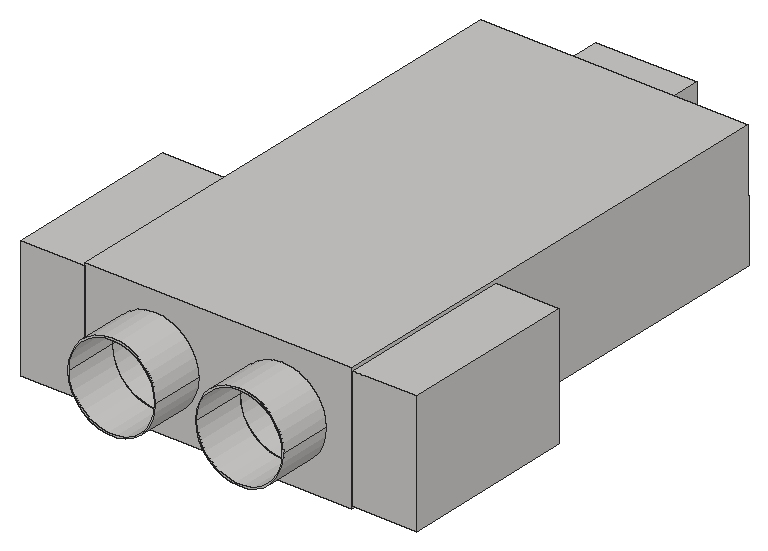
Revit family
Parameters
  Width = 2' - 3"
  Unit Weight = "104.0 lbs"
  URL = "http://www.titus-hvac.com/"
  UL = "181"
  SteriLoc Liner = Liner Option = 3  # no
  Outlet Width = 0' - 10 1/8"
  Outlet Height = 0' - 11 1/8"
  Nominal Width = Width + 1' 1"  # 3' - 4"
  Nominal Length = Length + Inlet Length + 0' 4"  # 4' - 11 3/8"
  Nominal Inlet Size = 0' - 9"
  Nominal Height = if(Height > 1' 0 1/4", Height, 1' 0 1/4")  # 1' - 0 3/4"
  NFPA = "90A"
  Model = "DMDV"
  Min. Air Flow = 0 CFM
  Max. Air Flow = 1050 CFM
  Material = Steel
  Manufacturer = "Titus"
  Liner Option = 0
  Length = 4' - 2"
  Inlet Void Radius = Inlet Radius - 0' 0 1/8"  # 0' - 4 5/16"
  Inlet Radius = Inlet Diameter / 2  # 0' - 4 7/16"
  Inlet Offset = 1' - 0 7/8"
  Inlet Length = 0' - 5 3/8"
  Inlet Diameter = Nominal Inlet Size - 0' 0 1/8"  # 0' - 8 7/8"
  Height = 1' - 0 3/4"
  Heat Air Pressure Drop [instance] = 0.00 in-wg
  Heat Air Flow [instance] = 0 CFM
  Fiber Free Liner = Liner Option = 2  # no
  Duct Radius = Nominal Inlet Size / 2  # 0' - 4 1/2"
  Description = "Dual Duct Terminal Unit, Digital Control, Pressure Independent, High Performance Mixer"
  Cool Air Pressure Drop [instance] = 0.00 in-wg
  Cool Air Flow [instance] = 0 CFM
  CADworks URL = "www.CADworks.net"
  Assembly Code = "D3040100"
  1/2" Fiberglass Liner = Liner Option = 0  # yes
  1" Fiberglass Liner = Liner Option = 1  # no
Reference planes (in)
  plane 1 "Center (Front/Back)": y = 0
  plane 2: z = 0
  plane 3 "Center (Left/Right)": x = 0
  plane 4: x = 13.5
  plane 5: x = -13.5
  plane 6: y = 25
  plane 7: y = -25
  plane 8: z = 6.375
  plane 9: z = -6.375
  plane 10: x = -6.4375
  plane 11: x = 6.4375
  plane 12: y = -30.375
  plane 13: y = 29
  plane 14: x = -20
  plane 15: x = 20
  plane 16: y = 1
  plane 17: y = -1
Forms (in)
  Extrusion 1, solid, material "Steel" <- "Material"
    sketch origin (0, 9.5, -24) x (1, 0, 0) y (0, 0, 1)
      loop
        line (-13.5, 30.375) -> (-13.5, 17.625) -> (13.5, 17.625) -> (13.5, 30.375) -> (-13.5, 30.375)
    from -15.5 to 34.5
  Extrusion 2, solid, material "Steel" <- "Material"
    sketch origin (0, -23.5, 0) x (1, 0, 0) y (0, 0, 1)
      loop
        line (13.5, 6.125) -> (13.5, -6.125) -> (20, -6.125) -> (20, 6.125) -> (13.5, 6.125)
    from -16.5 to 1.5
  Extrusion 3, solid, material "Steel" <- "Material"
    sketch origin (0, -21.5, 0) x (-1, 0, 0) y (0, 0, -1)
      loop
        line (13.5, -6.125) -> (20, -6.125) -> (20, 6.125) -> (13.5, 6.125) -> (13.5, -6.125)
    from -14.5 to 3.5
  Extrusion 4, solid, material "Steel" <- "Material"
    sketch origin (0, -19, 0) x (1, 0, 0) y (0, 0, 1)
      loop
        circle (-6.4375, 0) r 4.4375
    from 6 to 11.375
  Extrusion 5, solid, material "Steel" <- "Material"
    sketch origin (0, -19, 0) x (-1, 0, 0) y (0, 0, -1)
      loop
        circle (-6.4375, 0) r 4.4375
    from 6 to 11.375
  Extrusion 6, void
    sketch origin (0, -10.375, 0) x (1, 0, 0) y (0, 0, 1)
      loop
        circle (-6.4375, 0) r 4.3125
    from -9.375 to 20
  Extrusion 7, void
    sketch origin (0, 0, 0) x (1, 0, 0) y (0, 0, 1)
      loop
        circle (6.4375, 0) r 4.3125
    from 1 to 30.375
  Extrusion 8, solid, material "Steel" <- "Material"
    sketch origin (0, 23, 0) x (1, 0, 0) y (0, 0, 1)
      loop
        line (-5.0625, 5.5625) -> (-5.0625, -5.5625) -> (5.0625, -5.5625) -> (5.0625, 5.5625) -> (-5.0625, 5.5625)
    from -6 to -2
  Extrusion 9, void
    sketch origin (0, 21.5, 0) x (1, 0, 0) y (0, 0, 1)
      loop
        line (-4.8125, 5.3125) -> (-4.8125, -5.3125) -> (4.8125, -5.3125) -> (4.8125, 5.3125) -> (-4.8125, 5.3125)
    from -7.5 to 20.5
Cuts and joins
  Extrusion 6, Extrusion 7, Extrusion 9 cuts Extrusion 1
  Extrusion 6 cuts Extrusion 4
  Extrusion 7 cuts Extrusion 5
  Extrusion 9 cuts Extrusion 8
Dimensions and locks (in)
  "Length": plane 7 to plane 6
  equal spacing: plane 7, plane 1 "Center (Front/Back)", plane 6
  "Width": plane 5 to plane 4
  equal spacing: plane 5, plane 3 "Center (Left/Right)", plane 4
  "Height": plane 9 to plane 8
  equal spacing: plane 9, level, plane 8
  locked: Extrusion 2 to plane 7 at 18
  locked: Extrusion 2 to Extrusion 2 at 12.25
  equal spacing: Extrusion 2, plane 2, Extrusion 2, locked at 6.125 each
  locked: Extrusion 2 to plane 4 at 6.5
  locked: Extrusion 3 to Extrusion 3 at 12.25
  equal spacing: Extrusion 3, plane 2, Extrusion 3, locked at 6.125 each
  locked: Extrusion 3 to plane 5 at 6.5
  locked: Extrusion 3 to plane 7 at 18
  "Inlet Offset": plane 10 to plane 11
  equal spacing: plane 10, plane 3 "Center (Left/Right)", plane 11
  "Inlet Length": plane 7 to plane 12
  "Inlet Length": plane 7 to Extrusion 4
  "Inlet Length": Extrusion 5 to plane 7
  locked: plane 6 to plane 13 at 4
  "Outlet Width": Extrusion 8 sketch curve to Extrusion 8 sketch curve
  equal spacing: Extrusion 8 sketch curve, plane 3 "Center (Left/Right)", Extrusion 8 sketch curve
  locked: Extrusion 4 sketch curve to level at 0
  locked: Extrusion 4 sketch curve to plane 10 at 0
  locked: Extrusion 5 sketch curve to level at 0
  locked: Extrusion 5 sketch curve to plane 11 at 0
  locked: Extrusion 6 sketch curve to level at 0
  locked: Extrusion 6 sketch curve to plane 10 at 0
  locked: Extrusion 7 sketch curve to level at 0
  locked: Extrusion 7 sketch curve to plane 11 at 0
  locked: cut or joined group of Extrusion 8, Extrusion 9 to Extrusion 9 sketch curve at 0.25  (x3)
  locked: Extrusion 9 sketch curve to cut or joined group of Extrusion 8, Extrusion 9 at 0.25
  "Outlet Height": Extrusion 8 sketch curve to Extrusion 8 sketch curve
  equal spacing: Extrusion 8 sketch curve, plane 2, Extrusion 8 sketch curve
  "Nominal Width": plane 14 to plane 15
  plane 13 to plane 12 = 4' - 11 3/8"
  locked: plane 14 to plane 5 at 6.5
  equal spacing: cut or joined group of Extrusion 8, Extrusion 9, plane 3 "Center (Left/Right)", cut or joined group of Extrusion 8, Extrusion 9
  locked: plane 17 to plane 7 at 24
  locked: plane 16 to plane 6 at 24
  "Inlet Radius": radius of Extrusion 4 sketch curve
  "Inlet Radius": radius of Extrusion 5 sketch curve
  "Inlet Void Radius": radius of Extrusion 6 sketch curve
  "Inlet Void Radius": radius of Extrusion 7 sketch curve
  aligned and locked: plane 6 to Extrusion 1
  aligned and locked: plane 4 to Extrusion 1
  aligned and locked: plane 5 to Extrusion 1
  aligned and locked: plane 7 to Extrusion 1
  aligned and locked: plane 8 to Extrusion 1
  aligned and locked: plane 7 to Extrusion 2
  aligned and locked: plane 7 to Extrusion 3
  aligned and locked: plane 12 to Extrusion 4
  aligned and locked: plane 7 to Extrusion 4
  aligned and locked: plane 7 to Extrusion 5
  aligned and locked: plane 6 to Extrusion 8
  aligned and locked: plane 13 to Extrusion 8
  aligned and locked: plane 12 to cut or joined group of Extrusion 4, Extrusion 6  (x2)
  aligned and locked: plane 12 to cut or joined group of Extrusion 5, Extrusion 7  (x2)
  aligned and locked: plane 13 to cut or joined group of Extrusion 8, Extrusion 9  (x2)
  aligned and locked: plane 14 to Extrusion 3  (x2)
  aligned and locked: plane 15 to Extrusion 2
  aligned and locked: Extrusion 6 to plane 12
  aligned and locked: Extrusion 7 to plane 12
  aligned and locked: Extrusion 9 to plane 13
  aligned and locked: Extrusion 2 to plane 15
  aligned and locked: Extrusion 2 to cut or joined group of Extrusion 1, Extrusion 6, Extrusion 7, Extrusion 9
  aligned and locked: Extrusion 3 to cut or joined group of Extrusion 1, Extrusion 6, Extrusion 7, Extrusion 9
  aligned and locked: cut or joined group of Extrusion 1, Extrusion 6, Extrusion 7, Extrusion 9 to plane 8
  aligned and locked: plane 9 to cut or joined group of Extrusion 1, Extrusion 6, Extrusion 7, Extrusion 9
  aligned and locked: plane 16 to Extrusion 9
  aligned and locked: plane 17 to Extrusion 6
  aligned and locked: Extrusion 7 to cut or joined group of Extrusion 1, Extrusion 6, Extrusion 7, Extrusion 9
Automatic sketch dimensions
  Extrusion 1 sketch curve to plane 5 = 0' - 0"
  Extrusion 1 sketch curve to plane 4 = 0' - 0"
  plane 9 to Extrusion 1 sketch curve = 0' - 0"
  plane 8 to Extrusion 1 sketch curve = 0' - 0"
  Extrusion 2 sketch curve to plane 4 = 0' - 0"
  Extrusion 2 sketch curve to plane 9 = 0' - 0 1/4"
  Extrusion 2 sketch curve to Extrusion 2 sketch curve = 0' - 6 1/2"
  plane 8 to Extrusion 2 sketch curve = 0' - 0 1/4"
  Extrusion 3 sketch curve to plane 5 = 0' - 0"
  Extrusion 3 sketch curve to plane 9 = 0' - 0 1/4"
  Extrusion 3 sketch curve to Extrusion 3 sketch curve = 0' - 6 1/2"
  plane 8 to Extrusion 3 sketch curve = 0' - 0 1/4"
Connectors (in)
  hvac at (6.4375, -30.375, 0), driven by "Duct Radius", driven by "Cool Air Pressure Drop", driven by "Cool Air Flow"
    settings: on cut or joined group of Extrusion 5, Extrusion 7, index 1
  hvac at (-6.4375, -30.375, 0), driven by "Duct Radius", driven by "Heat Air Pressure Drop", driven by "Heat Air Flow"
    settings: on cut or joined group of Extrusion 4, Extrusion 6, index 2
  hvac at (0, 29, 0), driven by "Outlet Height", driven by "Outlet Width"
    settings: on cut or joined group of Extrusion 8, Extrusion 9, index 3
